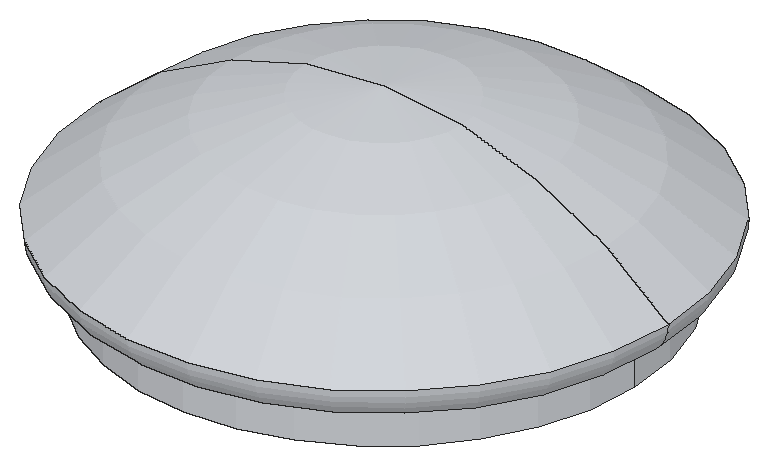
Revit family "0043497", category Lighting Fixtures, host Face, Revit 2017
Family settings
  Host = Face
  Round Connector Dimension = Use Diameter
  Part Type = Normal
  OmniClass Number = 23.80.70.00
  OmniClass Title = Lighting
  Cut with Voids When Loaded = No
  Light Source = Yes
  Shared = No
  Room Calculation Point = No
Parameters (values of type "0043497_3000K SYLCIRCLE IP44 1025LM 830/840 DT")
  YIN_SENSOR_SYL = no
  YIN_360_SYL = no
  YIN_330_SYL = no
  YIN_250_SYL = yes
  YIN_180_SYL = no
  Weight = "1.5 kg"
  Wattage Comments = ""
  Wattage = 0 W
  WarrantyStartDate [instance] = "n/a"
  WarrantyGuarantorParts = "n/a"
  WarrantyDurationUnit = "n/a"
  WarrantyDurationParts = "n/a"
  WarrantyDescription = "n/a"
  built-in parameter 1150110 = 1 (stored number, unit not read)
  Voltage = 0 V
  URL = "http://www.sylvania-lighting.com"
  TypeName = "SylCircle IP44 1025lm 830/840 DualTone"
  Type Image = <None>
  Type Comments = "n/a"
  built-in parameter 1114217 = 1 (stored number, unit not read)
  Tilt Angle = -90.00°
  built-in parameter 1150109 = 1 (stored number, unit not read)
  built-in parameter 1150134 = 3
  built-in parameter 1150113 = 1 (stored number, unit not read)
  SerialNumber [instance] = "n/a"
  SENSOR_SYL = 12 mm
  Photometric Web File = "0043497_3000K.ies"
  Material_3_SYL = none
  PowerFactor = 0
  PowerConsumption = "n/a"
  NominalLength = 0 mm
  NominalHeight = 0 mm
  NominalDepth = 0 mm
  Name = "SylCircle IP44 1025lm 830/840 DualTone"
  ModelReference = Name  # "SylCircle IP44 1025lm 830/840 DualTone"
  ModelNumber = "0043497"
  Model = Name  # "SylCircle IP44 1025lm 830/840 DualTone"
  Material = "n/a"
  ManufacturerName = "Feilo Sylvania"
  Manufacturer = "Feilo Sylvania"
  LuminousEfficacy = "n/a"
  built-in parameter 1150105 = (empty or 0)
  Lumens = 0 lm
  LuminaireType = ""
  built-in parameter 1150115 = 1 (stored number, unit not read)
  LightOutputRatio = "n/a"
  built-in parameter 1150137 = (empty or 0)
  built-in parameter 1150139 = (empty or 0)
  LampsType = Lamp  # "LED"
  LampNominalLuminous = "n/a"
  LampMacAdamStep = "n/a"
  LampColourTemperature = "n/a"
  LampColourRenderingIndex = "n/a"
  built-in parameter 1150112 = 1 (stored number, unit not read)
  built-in parameter 1150114 = 1 (stored number, unit not read)
  Lamp = "LED"
  LUM_R_SYL = if(YIN_180_SYL, 90 mm, if(YIN_250_SYL, 125 mm, if(YIN_330_SYL, 165 mm, if(YIN_360_SYL, 180 mm, 180 mm))))  # 125 mm
  LUM_R_HEIGHT_SYL = LUM_H_SYL - 30 mm  # 50 mm
  LUM_H_SYL = if(YIN_180_SYL, 75 mm, if(YIN_250_SYL, 80 mm, if(YIN_330_SYL, 96 mm, if(YIN_360_SYL, 100 mm, 100 mm))))  # 80 mm
  Keynote = "16500"
  InstallationDate [instance] = "n/a"
  InputVoltage = "n/a"
  InputNominalFrequency = "n/a"
  built-in parameter 1150132 = (empty or 0)
  built-in parameter 1150102 = (empty or 0)
  built-in parameter 1150107 = 3200 (stored number, unit not read)
  built-in parameter 1150138 = (empty or 0)
  IngressProtection = "n/a"
  ImpactProtectionIndex = "n/a"
  built-in parameter 1150106 = 1.0982 (stored number, unit not read)
  IfcExportType = "IfcLightFixtureType"
  IfcExportAs = "IfcLightFixtureType"
  Emit from Circle Diameter = 609.6 mm
  Emit Shape Visible in Rendering = no
  ElectricShockClassification = "n/a"
  built-in parameter 1150104 = (empty or 0)
  DocumentationLiterature = "http://www.sylvania-lighting.com/product/en-int/products/0043497"
  DimmingControlOptions = "n/a"
  Material_2_SYL = none
  Dimming Lamp Color Temperature Shift = <None>
  Description = ""
  Default Elevation = 1219.2 mm
  CreatedOn = "8/17/2020"
  CreatedBy = "@sylvania-lighting.com"
  Cost = 0
  Color Filter = 16777215
  built-in parameter 1114216 [instance] = (empty or 0)
  ClassificationValue = "EF_70_80"
  ClassificationName = "Uniclass2015"
  Material_1_SYL = none
  BarCode [instance] = "n/a"
  built-in parameter 1114218 = 1 (stored number, unit not read)
  BOTTOM_R_SYL = if(YIN_180_SYL, 76 mm, if(YIN_250_SYL, 110 mm, if(YIN_330_SYL, 150 mm, if(YIN_360_SYL, 150 mm, 150 mm))))  # 110 mm
  BOTTOM_HEIGHT_SYL = LUM_H_SYL - 15 mm  # 65 mm
  built-in parameter 1150133 = 10 (stored number, unit not read)
  AssetType = "Fixed"
  AssetIdentifier [instance] = "n/a"
  Assembly Code = "D5020200"
  Apparent Load = 0 VA
  Material_4_SYL = none
Types (16, lengths in mm): name | YIN_360_SYL | YIN_330_SYL | YIN_250_SYL | YIN_180_SYL | Weight | TypeName | Photometric Web File | Name | ModelReference | ModelNumber | Model | LUM_R_SYL | LUM_R_HEIGHT_SYL | LUM_H_SYL | DocumentationLiterature | BOTTOM_R_SYL | BOTTOM_HEIGHT_SYL
  0043507_3000K SYLCIRCLE IP44 2050LM MW 830/840 DT | yes | no | no | no | "3.42 kg" | "SylCircle IP44 2050LM MW 830/840 DualTone" | "0043507_3000K.ies" | "SylCircle IP44 2050LM MW 830/840 DualTone" | "SylCircle IP44 2050LM MW 830/840 DualTone" | "0043507" | "SylCircle IP44 2050LM MW 830/840 DualTone" | 180 | 70 | 100 | "http://www.sylvania-lighting.com/product/en-int/products/0043507" | 150 | 85
  0043506_4000K SYLCIRCLE IP44 1550LM MW 830/840 DT | no | yes | no | no | "3.42 kg" | "SylCircle IP44 1550LM MW 830/840 DualTone" | "0043506_4000K.ies" | "SylCircle IP44 1550LM MW 830/840 DualTone" | "SylCircle IP44 1550LM MW 830/840 DualTone" | "0043506" | "SylCircle IP44 1550LM MW 830/840 DualTone" | 165 | 66 | 96 | "http://www.sylvania-lighting.com/product/en-int/products/0043506" | 150 | 81
  0043506_3000K SYLCIRCLE IP44 1550LM MW 830/840 DT | no | yes | no | no | "3.42 kg" | "SylCircle IP44 1550LM MW 830/840 DualTone" | "0043506_3000K.ies" | "SylCircle IP44 1550LM MW 830/840 DualTone" | "SylCircle IP44 1550LM MW 830/840 DualTone" | "0043506" | "SylCircle IP44 1550LM MW 830/840 DualTone" | 165 | 66 | 96 | "http://www.sylvania-lighting.com/product/en-int/products/0043506" | 150 | 81
  0043505_4000K SYLCIRCLE IP44 2050LM DIM 830/840 DT | yes | no | no | no | "3.54 kg" | "SylCircle IP44 2050LM DIM 830/840 DualTone" | "0043505_4000K.ies" | "SylCircle IP44 2050LM DIM 830/840 DualTone" | "SylCircle IP44 2050LM DIM 830/840 DualTone" | "0043505" | "SylCircle IP44 2050LM DIM 830/840 DualTone" | 180 | 70 | 100 | "http://www.sylvania-lighting.com/product/en-int/products/0043505" | 150 | 85
  0043505_3000K SYLCIRCLE IP44 2050LM DIM 830/840 DT | yes | no | no | no | "3.54 kg" | "SylCircle IP44 2050LM DIM 830/840 DualTone" | "0043505_3000K.ies" | "SylCircle IP44 2050LM DIM 830/840 DualTone" | "SylCircle IP44 2050LM DIM 830/840 DualTone" | "0043505" | "SylCircle IP44 2050LM DIM 830/840 DualTone" | 180 | 70 | 100 | "http://www.sylvania-lighting.com/product/en-int/products/0043505" | 150 | 85
  0043504_4000K SYLCIRCLE IP44 1550LM DIM 830/840 DT | no | yes | no | no | "3.54 kg" | "SylCircle IP44 1550LM DIM 830/840 DualTone" | "0043504_4000K.ies" | "SylCircle IP44 1550LM DIM 830/840 DualTone" | "SylCircle IP44 1550LM DIM 830/840 DualTone" | "0043504" | "SylCircle IP44 1550LM DIM 830/840 DualTone" | 165 | 66 | 96 | "http://www.sylvania-lighting.com/product/en-int/products/0043504" | 150 | 81
  0043504_3000K SYLCIRCLE IP44 1550LM DIM 830/840 DT | no | yes | no | no | "3.54 kg" | "SylCircle IP44 1550LM DIM 830/840 DualTone" | "0043504_3000K.ies" | "SylCircle IP44 1550LM DIM 830/840 DualTone" | "SylCircle IP44 1550LM DIM 830/840 DualTone" | "0043504" | "SylCircle IP44 1550LM DIM 830/840 DualTone" | 165 | 66 | 96 | "http://www.sylvania-lighting.com/product/en-int/products/0043504" | 150 | 81
  0043499_4000K SYLCIRCLE IP44 2050LM 830/840 DT | yes | no | no | no | "3.12 kg" | "SylCircle IP44 2050lm 830/840 DualTone" | "0043499_4000K.ies" | "SylCircle IP44 2050lm 830/840 DualTone" | "SylCircle IP44 2050lm 830/840 DualTone" | "0043499" | "SylCircle IP44 2050lm 830/840 DualTone" | 180 | 70 | 100 | "http://www.sylvania-lighting.com/product/en-int/products/0043499" | 150 | 85
  0043499_3000K SYLCIRCLE IP44 2050LM 830/840 DT | yes | no | no | no | "3.12 kg" | "SylCircle IP44 2050lm 830/840 DualTone" | "0043499_3000K.ies" | "SylCircle IP44 2050lm 830/840 DualTone" | "SylCircle IP44 2050lm 830/840 DualTone" | "0043499" | "SylCircle IP44 2050lm 830/840 DualTone" | 180 | 70 | 100 | "http://www.sylvania-lighting.com/product/en-int/products/0043499" | 150 | 85
  0043498_4000K SYLCIRCLE IP44 1550LM 830/840 DT | no | yes | no | no | "3.12 kg" | "SylCircle IP44 1550lm 830/840 DualTone" | "0043498_4000K.ies" | "SylCircle IP44 1550lm 830/840 DualTone" | "SylCircle IP44 1550lm 830/840 DualTone" | "0043498" | "SylCircle IP44 1550lm 830/840 DualTone" | 165 | 66 | 96 | "http://www.sylvania-lighting.com/product/en-int/products/0043498" | 150 | 81
  0043498_3000K SYLCIRCLE IP44 1550LM 830/840 DT | no | yes | no | no | "3.12 kg" | "SylCircle IP44 1550lm 830/840 DualTone" | "0043498_3000K.ies" | "SylCircle IP44 1550lm 830/840 DualTone" | "SylCircle IP44 1550lm 830/840 DualTone" | "0043498" | "SylCircle IP44 1550lm 830/840 DualTone" | 165 | 66 | 96 | "http://www.sylvania-lighting.com/product/en-int/products/0043498" | 150 | 81
  0043497_4000K SYLCIRCLE IP44 1025LM 830/840 DT | no | no | yes | no | "1.5 kg" | "SylCircle IP44 1025lm 830/840 DualTone" | "0043497_4000K.ies" | "SylCircle IP44 1025lm 830/840 DualTone" | "SylCircle IP44 1025lm 830/840 DualTone" | "0043497" | "SylCircle IP44 1025lm 830/840 DualTone" | 125 | 50 | 80 | "http://www.sylvania-lighting.com/product/en-int/products/0043497" | 110 | 65
  0043497_3000K SYLCIRCLE IP44 1025LM 830/840 DT | no | no | yes | no | "1.5 kg" | "SylCircle IP44 1025lm 830/840 DualTone" | "0043497_3000K.ies" | "SylCircle IP44 1025lm 830/840 DualTone" | "SylCircle IP44 1025lm 830/840 DualTone" | "0043497" | "SylCircle IP44 1025lm 830/840 DualTone" | 125 | 50 | 80 | "http://www.sylvania-lighting.com/product/en-int/products/0043497" | 110 | 65
  0043496_4000K SYLCIRCLE IP44 520LM 830/840 DT | no | no | no | yes | "1.02 kg" | "SylCircle IP44 520lm 830/840 DualTone" | "0043496_4000K.ies" | "SylCircle IP44 520lm 830/840 DualTone" | "SylCircle IP44 520lm 830/840 DualTone" | "0043496" | "SylCircle IP44 520lm 830/840 DualTone" | 90 | 45 | 75 | "http://www.sylvania-lighting.com/product/en-int/products/0043496" | 76 | 60
  0043496_3000K SYLCIRCLE IP44 520LM 830/840 DT | no | no | no | yes | "1.02 kg" | "SylCircle IP44 520lm 830/840 DualTone" | "0043496_3000K.ies" | "SylCircle IP44 520lm 830/840 DualTone" | "SylCircle IP44 520lm 830/840 DualTone" | "0043496" | "SylCircle IP44 520lm 830/840 DualTone" | 90 | 45 | 75 | "http://www.sylvania-lighting.com/product/en-int/products/0043496" | 76 | 60
  0043507_4000K SYLCIRCLE IP44 2050LM MW 830/840 DT | yes | no | no | no | "3.42 kg" | "SylCircle IP44 2050LM MW 830/840 DualTone" | "0043507_4000K.ies" | "SylCircle IP44 2050LM MW 830/840 DualTone" | "SylCircle IP44 2050LM MW 830/840 DualTone" | "0043507" | "SylCircle IP44 2050LM MW 830/840 DualTone" | 180 | 70 | 100 | "http://www.sylvania-lighting.com/product/en-int/products/0043507" | 150 | 85
Reference planes
  plane 1 "Center (Front/Back)": y = 0
  plane 2: z = 0
  plane 3 "Center (Left/Right)": x = 0
  plane 4: x = -110
  plane 5: x = -125
  plane 6: z = -80
  plane 7: z = -50
  plane 8: z = -65
  plane 9: z = 12
Forms (mm)
  Revolve 1, solid
    sketch origin (0, 0, 0) x (1, 0, 0) y (0, 0, 1)
      loop
        line (0, -80) -> (0, 0)
        arc (0, 0) -> (-67.189, -13.279) -> (-125, -50) r 185.777
        arc (-125, -50) -> (-120.54, -60.54) -> (-110, -65) r 15.235
        line (-110, -65) -> (-110, -80) -> (0, -80)
      axis (0, -80) -> (0, 0)
    angle from 360 to 0
Dimensions and locks
  "BOTTOM_R_SYL": plane 3 "Center (Left/Right)" to plane 4
  "LUM_R_SYL": plane 3 "Center (Left/Right)" to plane 5
  "BOTTOM_HEIGHT_SYL": host face to plane 8
  "LUM_R_HEIGHT_SYL": host face to plane 7
  "LUM_H_SYL": host face to plane 6
  "SENSOR_SYL": plane 9 to host face
  aligned and locked: plane 2 to host face
  aligned and locked: level to host face
  aligned and locked: Revolve 1 sketch curve to plane 6
  aligned and locked: plane 4 to Revolve 1 sketch curve
  aligned and locked: imposter light to Revolve 1 sketch curve
  aligned and locked: Revolve 1 sketch curve to imposter light
Automatic sketch dimensions
  host sketch curve to host sketch curve = 2438.4 mm  (x2)
  Revolve 1 sketch curve to plane 5 = 0 mm
  Revolve 1 sketch curve to plane 8 = 0 mm
  Revolve 1 sketch curve to plane 7 = 0 mm
  plane 4 to Revolve 1 sketch curve = 0.233 mm
  plane 3 "Center (Left/Right)" to Revolve 1 sketch curve = 1.807 mm
